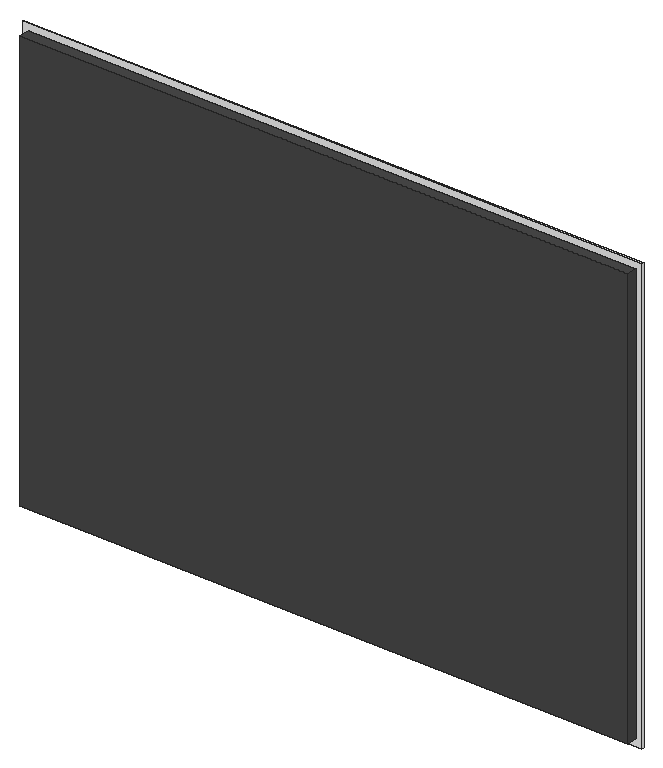
Revit family "3-110X-xx Galaxy Mirror", category Luminarias, Revit 2021
Family settings
  Anfitrión = Muro
  Cota de conector redondo = Diámetro de uso
  Tipo de pieza = Normal
  Número OmniClass = 23.80.70.00
  Título OmniClass = Lighting
  Siempre vertical = Sí
  Corte con vacíos al cargar = No
  Origen de luz = No
  Compartido = No
  Punto de cálculo de habitación = No
Parameters (values of type "3-1104-15 / Black")
  Width = 1524 mm
  Height = 1067 mm
  Diffuser = Ghost Mirror
  Elevación por defecto = 0 mm
  Comentarios de vataje = "1 x 127.8 W at 120 V"
  Voltage Input = "120 V or 277 V - 50/60 Hz"  # constant formula
  Voltage = 120 V
  URL = "www.oxygenlighting.com"
  References = "Ref. 3 = 120 V / Ref. 37 = 277 V"  # constant formula
  Modelo = "3-110X-xx / Galaxy"  # constant formula
  Metal Finish 1 = 15 - Black
  Fabricante = "Vanita by Oxygen"  # constant formula
  Lámpara = "LED Array"  # constant formula
Types (4, lengths in mm): name | Width | Height | Comentarios de vataje
  3-1101-15 / Black | 610 | 914 | "1 x 62.4 W at 120 V"
  3-1103-15 / Black | 1219 | 914 | "1 x 85 W at 120 V"
  3-1104-15 / Black | 1524 | 1067 | "1 x 127.8 W at 120 V"
  3-1102-15 / Black | 914 | 914 | "1 x 68.4 W at 120 V"
Reference planes
  plane 1: y = 0
  plane 2 "Light Source Axis (L/R)": x = 125
  plane 3 "Light Source Axis (F/R)": y = 160
  plane 4 "Light Source Elevation": z = 700
  plane 5: y = 75
Text (mm)
  text "Placement side" at (-1787.139, 1116.779, 0), in view "Ref. Level"
  text "Placement side" at (0, 2110.396, 2986.058), in view "Left"
  text "Placement side" at (0, 628.478, 3011.967), in view "Right"
Dimensions and locks
  aligned and locked: plane 1 to host wall
  aligned and locked: plane 5 to host wall
  aligned and locked: plane 5 to nested 1
  aligned and locked: nested 1 to plane 2 "Light Source Axis (L/R)"
Nested families
  nested 1: "Family1" at (125, 75, 1005) x (-1, 0, 0) z (0, 0, 1), type "Family1"
    with Width 1524 mm, Height 1067 mm
Connectors
  electrical at (125, 75, 1005)
    settings: on nested 1, index 1, voltage 0 V, apparent load 0 VA, apparent load phase1 0 VA, apparent load phase2 0 VA, apparent load phase3 0 VA, power factor 1, load classification "Otro", number of poles 1, system type 31, power factor state 1, is connector primary yes, connector utility no, sub classification motor no, connector description ""
Definition of nested family "Family1"
  Parameters (values of type "Family1")
    Width = 457 mm
    Metal Finish 1 = none
    Height = 610 mm
    Diffuser = none
    Default Elevation = 0 mm
  Reference planes
    plane 1 "Center (Front/Back)": y = 0
    plane 2: z = 0
    plane 3 "Center (Left/Right)": x = 0
    plane 4: x = 213.5
    plane 5: x = -213.5
    plane 6: z = 290
    plane 7: z = -290
    plane 8: x = 133.5
    plane 9: z = 210
    plane 10: z = -210
    plane 11: x = -133.5
    plane 12: z = -305
    plane 13: x = -228.5
    plane 14: z = 305
    plane 15: x = 228.5
  Forms (mm)
    Extrusion 1, solid, material <- "Metal Finish 1"
      sketch origin (0, 0, 0) x (1, 0, 0) y (0, 0, 1)
        loop
          line (213.5, 290) -> (-213.5, 290) -> (-213.5, -290) -> (213.5, -290) -> (213.5, 290)
      from 0 to 25.014
    Extrusion 2, solid
      sketch origin (0, 0, 0) x (1, 0, 0) y (0, 0, 1)
        loop
          line (-228.5, -305) -> (228.5, -305) -> (228.5, 305) -> (-228.5, 305) -> (-228.5, -305)
        loop
          circle (108.5, -185) r 5
      from 25.014 to 29.595
    Extrusion 3, solid
      sketch origin (0, 0, 0) x (1, 0, 0) y (0, 0, 1)
        loop
          circle (108.5, -185) r 5
      from 25.014 to 29.595
  Dimensions and locks
    equal spacing: plane 4, plane 3 "Center (Left/Right)", plane 5
    equal spacing: plane 7, level, plane 6
    locked: plane 4 to plane 8 at 80
    locked: plane 5 to plane 11 at 80
    locked: plane 9 to plane 6 at 80
    locked: plane 7 to plane 10 at 80
    locked: plane 14 to plane 6 at 15
    locked: plane 7 to plane 12 at 15
    locked: plane 15 to plane 4 at 15
    locked: plane 13 to plane 5 at 15
    "Height": plane 14 to plane 12
    "Width": plane 13 to plane 15
    Extrusion 2 to plane 1 "Center (Front/Back)" = 29.595 mm
    Extrusion 2 to Extrusion 2 = 4.58 mm
    locked: Extrusion 2 sketch curve to Extrusion 2 sketch curve at 120  (x2)
    aligned and locked: plane 2 to level
    aligned and locked: Extrusion 1 sketch curve to plane 6
    aligned and locked: plane 7 to Extrusion 1 sketch curve
    aligned and locked: Extrusion 1 sketch curve to plane 5
    aligned and locked: Extrusion 1 sketch curve to plane 4
    aligned and locked: Extrusion 2 sketch curve to plane 15
    aligned and locked: Extrusion 2 sketch curve to plane 14
    aligned and locked: Extrusion 2 sketch curve to plane 13
    aligned and locked: Extrusion 2 sketch curve to plane 12
    aligned and locked: Extrusion 3 sketch curve to Extrusion 2  (x2)
  Automatic sketch dimensions
    radius of Extrusion 2 sketch curve = 5 mm
